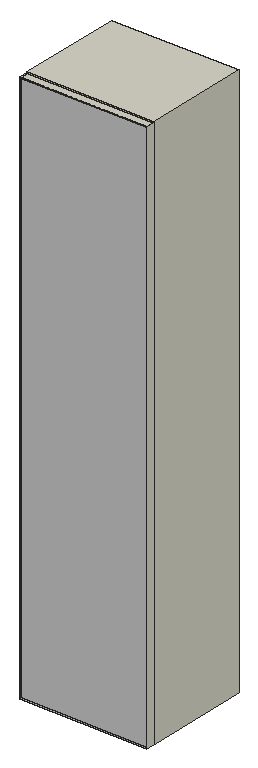
Revit family "bathroom vanity-hansgrohe-54219XXX-Xevolos E Tall cabinet Sand Matt Beige 400_360, door hinge left", category Furniture, Revit 2019
Family settings
  OmniClass Number = 23.40.00.00
  OmniClass Title = Equipment and Furnishings
  Work Plane-Based = No
  Always vertical = Yes
  Cut with Voids When Loaded = No
  Shared = Yes
  Room Calculation Point = No
Parameters (values of type "54219790-SAND_MATT_BEIGE-METALLIC_SAND_BEIGE-200")
  etim7_EC011381 = "EC011381"
  WEIGHT = "41.2"
  UNSPSC = "56 | Furniture and Furnishings"
  UNIFORMATII = "E2010 | Fixed Furnishings"
  UNICLASS_2015_CODE = "40_30_78_05"
  UNICLASS2015 = "Pr_40_30_78_05 | Bathroom furniture"
  SURFACE = "METALLIC_SAND_BEIGE"
  REGION = "Worldwide"
  PRODUCTURL = "https://pro.hansgrohe.com/articledetail--54219790"
  PERMALINK = "54219XXX"
  OMNICLASS = "23-21 19 15 33 13 | Residential Bathroom Specialty Casework"
  OBJECTTYPE = "Object (single object)"
  OBERFLAECHE = "SAND_MATT_BEIGE"
  NN = "Tall cabinet, door hinge"
  NBSYN = "$ARTNR.-$OBERFLAECHE.-$SURFACE.-$LODLEVEL."
  NB = "54219790-SAND_MATT_BEIGE-METALLIC_SAND_BEIGE-200"
  NAME = "Xevolos E Tall cabinet Sand Matt Beige 400/360, door hinge left"
  Model = "54219790-SAND_MATT_BEIGE-METALLIC_SAND_BEIGE-200"
  Manufacturer = "Hansgrohe"
  MIdent = "{$CADENAS_DATA/23d-libs/hansgrohe/xevolos_furniture/xevolos_tall_cabinet_door_hinge/tall_cabinet_door_hinge.prj},262 {VTYP=3D},{NB=54219790-SAND_MATT_BEIGE-METALLIC_SAND_BEIGE-200},{LINA=54219790-SAND_MATT_BEIGE-METALLIC_SAND_BEIGE-200},{NN=Tall cabinet, door hinge},{DATE=13.03.2023 12:06:51},{GEOMDATE=12.03.2023 06:51:00},{VERSION=},{LINEID=60},{WBVAR=LODLEVEL},{WBNUMERIC=}  {NB=54219790-SAND_MATT_BEIGE-METALLIC_SAND_BEIGE-200},{LINA=54219790-SAND_MATT_BEIGE-METALLIC_SAND_BEIGE-200},{KT=DUMMY},{IDNR=6},{ARTNR=54219790},{BASENUMBER=54219},{MODEL=54219XXX},{OBERFLAECHE=SAND_MATT_BEIGE},{SURFACE=METALLIC_SAND_BEIGE},{L=400},{LODLEVEL=200},{LODLEVELX='400','400','200','200'},{NAME=Xevolos E Tall cabinet Sand Matt Beige 400/360, door hinge left},{PERMALINK=54219XXX},{OBJECTTYPE=Object (single object)},{BIMOBJECT=Sanitary: Compound units},{COLLECTIONSET=Xevolos E},{COLLECTION=bathroom vanity},{WEIGHT=41.2},{DESCRIPTION=Xevolos E Tall cabinet Sand Matt Beige 400/360, door hinge left},{PRODUCTURL=https://pro.hansgrohe.com/articledetail--54219790},{GTINCODE=0},{TENDERURL=0},{IFC=Furnishing element},{ETIM=EC011381 | Bathroom furniture set},{UNICLASS2015=Pr_40_30_78_05 | Bathroom furniture},{OMNICLASS=23-21 19 15 33 13 | Residential Bathroom Specialty Casework},{MASTERFORMAT=12 35 30.23 | Bathroom Casework},{UNSPSC=56 | Furniture and Furnishings},{UNIFORMATII=E2010 | Fixed Furnishings},{REGION=Worldwide},{DESIGN=Germany},{MANUFACTURER=Germany}"
  MASTERFORMAT = "12 35 30.23 | Bathroom Casework"
  LODLEVEL = "200"
  LINA = "54219790-SAND_MATT_BEIGE-METALLIC_SAND_BEIGE-200"
  L = 400
  IFC = "Furnishing element"
  IDNR = 6
  ETIM = "EC011381 | Bathroom furniture set"
  DESIGN = "Germany"
  COLLECTIONSET = "Xevolos E"
  COLLECTION = "bathroom vanity"
  CATALOG = "Hansgrohe"
  BIMOBJECT = "Sanitary: Compound units"
  BASENUMBER = "54219"
  ARTNR = "54219790"
  54219790-SAND_MATT_BEIGE-METALLIC_SAND_BEIGE-400_RX0RY0RZ0TX0TY0TZ0_V = no
  54219790-SAND_MATT_BEIGE-METALLIC_SAND_BEIGE-200_RX0RY0RZ0TX0TY0TZ0_V = yes
  54219730-SAND_MATT_BEIGE-DARK_OAK-400_RX0RY0RZ0TX0TY0TZ0_V = no
  54219730-SAND_MATT_BEIGE-DARK_OAK-200_RX0RY0RZ0TX0TY0TZ0_V = no
  54219390-SAND_MATT_BEIGE-PATTEREND_BRONZE-400_RX0RY0RZ0TX0TY0TZ0_V = no
  54219390-SAND_MATT_BEIGE-PATTEREND_BRONZE-200_RX0RY0RZ0TX0TY0TZ0_V = no
Types (6, lengths in mm): name | SURFACE | NB | Model | MIdent | LODLEVEL | LINA | IDNR | ARTNR | 54219790-SAND_MATT_BEIGE-METALLIC_SAND_BEIGE-400_RX0RY0RZ0TX0TY0TZ0_V | 54219790-SAND_MATT_BEIGE-METALLIC_SAND_BEIGE-200_RX0RY0RZ0TX0TY0TZ0_V | 54219730-SAND_MATT_BEIGE-DARK_OAK-400_RX0RY0RZ0TX0TY0TZ0_V | 54219730-SAND_MATT_BEIGE-DARK_OAK-200_RX0RY0RZ0TX0TY0TZ0_V | 54219390-SAND_MATT_BEIGE-PATTEREND_BRONZE-400_RX0RY0RZ0TX0TY0TZ0_V | 54219390-SAND_MATT_BEIGE-PATTEREND_BRONZE-200_RX0RY0RZ0TX0TY0TZ0_V
  54219390-SAND_MATT_BEIGE-PATTEREND_BRONZE-200 | "PATTEREND_BRONZE" | "54219390-SAND_MATT_BEIGE-PATTEREND_BRONZE-200" | "54219390-SAND_MATT_BEIGE-PATTEREND_BRONZE-200" | "{$CADENAS_DATA/23d-libs/hansgrohe/xevolos_furniture/xevolos_tall_cabinet_door_hinge/tall_cabinet_door_hinge.prj},256 {VTYP=3D},{NB=54219390-SAND_MATT_BEIGE-PATTEREND_BRONZE-200},{LINA=54219390-SAND_MATT_BEIGE-PATTEREND_BRONZE-200},{NN=Tall cabinet, door hinge},{DATE=13.03.2023 12:06:51},{GEOMDATE=12.03.2023 06:51:00},{VERSION=},{LINEID=40},{WBVAR=LODLEVEL},{WBNUMERIC=}  {NB=54219390-SAND_MATT_BEIGE-PATTEREND_BRONZE-200},{LINA=54219390-SAND_MATT_BEIGE-PATTEREND_BRONZE-200},{KT=DUMMY},{IDNR=4},{ARTNR=54219390},{BASENUMBER=54219},{MODEL=54219XXX},{OBERFLAECHE=SAND_MATT_BEIGE},{SURFACE=PATTEREND_BRONZE},{L=400},{LODLEVEL=200},{LODLEVELX='400','400','200','200'},{NAME=Xevolos E Tall cabinet Sand Matt Beige 400/360, door hinge left},{PERMALINK=54219XXX},{OBJECTTYPE=Object (single object)},{BIMOBJECT=Sanitary: Compound units},{COLLECTIONSET=Xevolos E},{COLLECTION=bathroom vanity},{WEIGHT=41.2},{DESCRIPTION=Xevolos E Tall cabinet Sand Matt Beige 400/360, door hinge left},{PRODUCTURL=https://pro.hansgrohe.com/articledetail--54219790},{GTINCODE=0},{TENDERURL=0},{IFC=Furnishing element},{ETIM=EC011381 | Bathroom furniture set},{UNICLASS2015=Pr_40_30_78_05 | Bathroom furniture},{OMNICLASS=23-21 19 15 33 13 | Residential Bathroom Specialty Casework},{MASTERFORMAT=12 35 30.23 | Bathroom Casework},{UNSPSC=56 | Furniture and Furnishings},{UNIFORMATII=E2010 | Fixed Furnishings},{REGION=Worldwide},{DESIGN=Germany},{MANUFACTURER=Germany}" | "200" | "54219390-SAND_MATT_BEIGE-PATTEREND_BRONZE-200" | 4 | "54219390" | no | no | no | no | no | yes
  54219390-SAND_MATT_BEIGE-PATTEREND_BRONZE-400 | "PATTEREND_BRONZE" | "54219390-SAND_MATT_BEIGE-PATTEREND_BRONZE-400" | "54219390-SAND_MATT_BEIGE-PATTEREND_BRONZE-400" | "{$CADENAS_DATA/23d-libs/hansgrohe/xevolos_furniture/xevolos_tall_cabinet_door_hinge/tall_cabinet_door_hinge.prj},256 {VTYP=3D},{NB=54219390-SAND_MATT_BEIGE-PATTEREND_BRONZE-400},{LINA=54219390-SAND_MATT_BEIGE-PATTEREND_BRONZE-400},{NN=Tall cabinet, door hinge},{DATE=13.03.2023 12:06:51},{GEOMDATE=12.03.2023 06:51:00},{VERSION=},{LINEID=40},{WBVAR=LODLEVEL},{WBNUMERIC=}  {NB=54219390-SAND_MATT_BEIGE-PATTEREND_BRONZE-400},{LINA=54219390-SAND_MATT_BEIGE-PATTEREND_BRONZE-400},{KT=DUMMY},{IDNR=4},{ARTNR=54219390},{BASENUMBER=54219},{MODEL=54219XXX},{OBERFLAECHE=SAND_MATT_BEIGE},{SURFACE=PATTEREND_BRONZE},{L=400},{LODLEVEL=400},{LODLEVELX='400','400','200','200'},{NAME=Xevolos E Tall cabinet Sand Matt Beige 400/360, door hinge left},{PERMALINK=54219XXX},{OBJECTTYPE=Object (single object)},{BIMOBJECT=Sanitary: Compound units},{COLLECTIONSET=Xevolos E},{COLLECTION=bathroom vanity},{WEIGHT=41.2},{DESCRIPTION=Xevolos E Tall cabinet Sand Matt Beige 400/360, door hinge left},{PRODUCTURL=https://pro.hansgrohe.com/articledetail--54219790},{GTINCODE=0},{TENDERURL=0},{IFC=Furnishing element},{ETIM=EC011381 | Bathroom furniture set},{UNICLASS2015=Pr_40_30_78_05 | Bathroom furniture},{OMNICLASS=23-21 19 15 33 13 | Residential Bathroom Specialty Casework},{MASTERFORMAT=12 35 30.23 | Bathroom Casework},{UNSPSC=56 | Furniture and Furnishings},{UNIFORMATII=E2010 | Fixed Furnishings},{REGION=Worldwide},{DESIGN=Germany},{MANUFACTURER=Germany}" | "400" | "54219390-SAND_MATT_BEIGE-PATTEREND_BRONZE-400" | 4 | "54219390" | no | no | no | no | yes | no
  54219730-SAND_MATT_BEIGE-DARK_OAK-200 | "DARK_OAK" | "54219730-SAND_MATT_BEIGE-DARK_OAK-200" | "54219730-SAND_MATT_BEIGE-DARK_OAK-200" | "{$CADENAS_DATA/23d-libs/hansgrohe/xevolos_furniture/xevolos_tall_cabinet_door_hinge/tall_cabinet_door_hinge.prj},240 {VTYP=3D},{NB=54219730-SAND_MATT_BEIGE-DARK_OAK-200},{LINA=54219730-SAND_MATT_BEIGE-DARK_OAK-200},{NN=Tall cabinet, door hinge},{DATE=13.03.2023 12:06:51},{GEOMDATE=12.03.2023 06:51:00},{VERSION=},{LINEID=50},{WBVAR=LODLEVEL},{WBNUMERIC=}  {NB=54219730-SAND_MATT_BEIGE-DARK_OAK-200},{LINA=54219730-SAND_MATT_BEIGE-DARK_OAK-200},{KT=DUMMY},{IDNR=5},{ARTNR=54219730},{BASENUMBER=54219},{MODEL=54219XXX},{OBERFLAECHE=SAND_MATT_BEIGE},{SURFACE=DARK_OAK},{L=400},{LODLEVEL=200},{LODLEVELX='400','400','200','200'},{NAME=Xevolos E Tall cabinet Sand Matt Beige 400/360, door hinge left},{PERMALINK=54219XXX},{OBJECTTYPE=Object (single object)},{BIMOBJECT=Sanitary: Compound units},{COLLECTIONSET=Xevolos E},{COLLECTION=bathroom vanity},{WEIGHT=41.2},{DESCRIPTION=Xevolos E Tall cabinet Sand Matt Beige 400/360, door hinge left},{PRODUCTURL=https://pro.hansgrohe.com/articledetail--54219790},{GTINCODE=0},{TENDERURL=0},{IFC=Furnishing element},{ETIM=EC011381 | Bathroom furniture set},{UNICLASS2015=Pr_40_30_78_05 | Bathroom furniture},{OMNICLASS=23-21 19 15 33 13 | Residential Bathroom Specialty Casework},{MASTERFORMAT=12 35 30.23 | Bathroom Casework},{UNSPSC=56 | Furniture and Furnishings},{UNIFORMATII=E2010 | Fixed Furnishings},{REGION=Worldwide},{DESIGN=Germany},{MANUFACTURER=Germany}" | "200" | "54219730-SAND_MATT_BEIGE-DARK_OAK-200" | 5 | "54219730" | no | no | no | yes | no | no
  54219730-SAND_MATT_BEIGE-DARK_OAK-400 | "DARK_OAK" | "54219730-SAND_MATT_BEIGE-DARK_OAK-400" | "54219730-SAND_MATT_BEIGE-DARK_OAK-400" | "{$CADENAS_DATA/23d-libs/hansgrohe/xevolos_furniture/xevolos_tall_cabinet_door_hinge/tall_cabinet_door_hinge.prj},240 {VTYP=3D},{NB=54219730-SAND_MATT_BEIGE-DARK_OAK-400},{LINA=54219730-SAND_MATT_BEIGE-DARK_OAK-400},{NN=Tall cabinet, door hinge},{DATE=13.03.2023 12:06:51},{GEOMDATE=12.03.2023 06:51:00},{VERSION=},{LINEID=50},{WBVAR=LODLEVEL},{WBNUMERIC=}  {NB=54219730-SAND_MATT_BEIGE-DARK_OAK-400},{LINA=54219730-SAND_MATT_BEIGE-DARK_OAK-400},{KT=DUMMY},{IDNR=5},{ARTNR=54219730},{BASENUMBER=54219},{MODEL=54219XXX},{OBERFLAECHE=SAND_MATT_BEIGE},{SURFACE=DARK_OAK},{L=400},{LODLEVEL=400},{LODLEVELX='400','400','200','200'},{NAME=Xevolos E Tall cabinet Sand Matt Beige 400/360, door hinge left},{PERMALINK=54219XXX},{OBJECTTYPE=Object (single object)},{BIMOBJECT=Sanitary: Compound units},{COLLECTIONSET=Xevolos E},{COLLECTION=bathroom vanity},{WEIGHT=41.2},{DESCRIPTION=Xevolos E Tall cabinet Sand Matt Beige 400/360, door hinge left},{PRODUCTURL=https://pro.hansgrohe.com/articledetail--54219790},{GTINCODE=0},{TENDERURL=0},{IFC=Furnishing element},{ETIM=EC011381 | Bathroom furniture set},{UNICLASS2015=Pr_40_30_78_05 | Bathroom furniture},{OMNICLASS=23-21 19 15 33 13 | Residential Bathroom Specialty Casework},{MASTERFORMAT=12 35 30.23 | Bathroom Casework},{UNSPSC=56 | Furniture and Furnishings},{UNIFORMATII=E2010 | Fixed Furnishings},{REGION=Worldwide},{DESIGN=Germany},{MANUFACTURER=Germany}" | "400" | "54219730-SAND_MATT_BEIGE-DARK_OAK-400" | 5 | "54219730" | no | no | yes | no | no | no
  54219790-SAND_MATT_BEIGE-METALLIC_SAND_BEIGE-200 | "METALLIC_SAND_BEIGE" | "54219790-SAND_MATT_BEIGE-METALLIC_SAND_BEIGE-200" | "54219790-SAND_MATT_BEIGE-METALLIC_SAND_BEIGE-200" | "{$CADENAS_DATA/23d-libs/hansgrohe/xevolos_furniture/xevolos_tall_cabinet_door_hinge/tall_cabinet_door_hinge.prj},262 {VTYP=3D},{NB=54219790-SAND_MATT_BEIGE-METALLIC_SAND_BEIGE-200},{LINA=54219790-SAND_MATT_BEIGE-METALLIC_SAND_BEIGE-200},{NN=Tall cabinet, door hinge},{DATE=13.03.2023 12:06:51},{GEOMDATE=12.03.2023 06:51:00},{VERSION=},{LINEID=60},{WBVAR=LODLEVEL},{WBNUMERIC=}  {NB=54219790-SAND_MATT_BEIGE-METALLIC_SAND_BEIGE-200},{LINA=54219790-SAND_MATT_BEIGE-METALLIC_SAND_BEIGE-200},{KT=DUMMY},{IDNR=6},{ARTNR=54219790},{BASENUMBER=54219},{MODEL=54219XXX},{OBERFLAECHE=SAND_MATT_BEIGE},{SURFACE=METALLIC_SAND_BEIGE},{L=400},{LODLEVEL=200},{LODLEVELX='400','400','200','200'},{NAME=Xevolos E Tall cabinet Sand Matt Beige 400/360, door hinge left},{PERMALINK=54219XXX},{OBJECTTYPE=Object (single object)},{BIMOBJECT=Sanitary: Compound units},{COLLECTIONSET=Xevolos E},{COLLECTION=bathroom vanity},{WEIGHT=41.2},{DESCRIPTION=Xevolos E Tall cabinet Sand Matt Beige 400/360, door hinge left},{PRODUCTURL=https://pro.hansgrohe.com/articledetail--54219790},{GTINCODE=0},{TENDERURL=0},{IFC=Furnishing element},{ETIM=EC011381 | Bathroom furniture set},{UNICLASS2015=Pr_40_30_78_05 | Bathroom furniture},{OMNICLASS=23-21 19 15 33 13 | Residential Bathroom Specialty Casework},{MASTERFORMAT=12 35 30.23 | Bathroom Casework},{UNSPSC=56 | Furniture and Furnishings},{UNIFORMATII=E2010 | Fixed Furnishings},{REGION=Worldwide},{DESIGN=Germany},{MANUFACTURER=Germany}" | "200" | "54219790-SAND_MATT_BEIGE-METALLIC_SAND_BEIGE-200" | 6 | "54219790" | no | yes | no | no | no | no
  54219790-SAND_MATT_BEIGE-METALLIC_SAND_BEIGE-400 | "METALLIC_SAND_BEIGE" | "54219790-SAND_MATT_BEIGE-METALLIC_SAND_BEIGE-400" | "54219790-SAND_MATT_BEIGE-METALLIC_SAND_BEIGE-400" | "{$CADENAS_DATA/23d-libs/hansgrohe/xevolos_furniture/xevolos_tall_cabinet_door_hinge/tall_cabinet_door_hinge.prj},262 {VTYP=3D},{NB=54219790-SAND_MATT_BEIGE-METALLIC_SAND_BEIGE-400},{LINA=54219790-SAND_MATT_BEIGE-METALLIC_SAND_BEIGE-400},{NN=Tall cabinet, door hinge},{DATE=13.03.2023 12:06:51},{GEOMDATE=12.03.2023 06:51:00},{VERSION=},{LINEID=60},{WBVAR=LODLEVEL},{WBNUMERIC=}  {NB=54219790-SAND_MATT_BEIGE-METALLIC_SAND_BEIGE-400},{LINA=54219790-SAND_MATT_BEIGE-METALLIC_SAND_BEIGE-400},{KT=DUMMY},{IDNR=6},{ARTNR=54219790},{BASENUMBER=54219},{MODEL=54219XXX},{OBERFLAECHE=SAND_MATT_BEIGE},{SURFACE=METALLIC_SAND_BEIGE},{L=400},{LODLEVEL=400},{LODLEVELX='400','400','200','200'},{NAME=Xevolos E Tall cabinet Sand Matt Beige 400/360, door hinge left},{PERMALINK=54219XXX},{OBJECTTYPE=Object (single object)},{BIMOBJECT=Sanitary: Compound units},{COLLECTIONSET=Xevolos E},{COLLECTION=bathroom vanity},{WEIGHT=41.2},{DESCRIPTION=Xevolos E Tall cabinet Sand Matt Beige 400/360, door hinge left},{PRODUCTURL=https://pro.hansgrohe.com/articledetail--54219790},{GTINCODE=0},{TENDERURL=0},{IFC=Furnishing element},{ETIM=EC011381 | Bathroom furniture set},{UNICLASS2015=Pr_40_30_78_05 | Bathroom furniture},{OMNICLASS=23-21 19 15 33 13 | Residential Bathroom Specialty Casework},{MASTERFORMAT=12 35 30.23 | Bathroom Casework},{UNSPSC=56 | Furniture and Furnishings},{UNIFORMATII=E2010 | Fixed Furnishings},{REGION=Worldwide},{DESIGN=Germany},{MANUFACTURER=Germany}" | "400" | "54219790-SAND_MATT_BEIGE-METALLIC_SAND_BEIGE-400" | 6 | "54219790" | yes | no | no | no | no | no
Reference planes
  plane 1 "Center (Front/Back)": y = 0
  plane 2: z = 0
  plane 3 "Center (Left/Right)": x = 0
Dimensions and locks
  aligned and locked: level to plane 2
Nested families
  nested 1: "54219390-sand_matt_beige-patterend_bronze-200_content" at (0, 0, 0), visible <- "54219390-SAND_MATT_BEIGE-PATTEREND_BRONZE-200_RX0RY0RZ0TX0TY0TZ0_V", ContentVisible <- "54219390-SAND_MATT_BEIGE-PATTEREND_BRONZE-200_RX0RY0RZ0TX0TY0TZ0_V", type "54219390-SAND_MATT_BEIGE-PATTEREND_BRONZE-200_Content"
    with ContentVisible no
  nested 2: "54219390-sand_matt_beige-patterend_bronze-400_content" at (0, 0, 0), visible <- "54219390-SAND_MATT_BEIGE-PATTEREND_BRONZE-400_RX0RY0RZ0TX0TY0TZ0_V", ContentVisible <- "54219390-SAND_MATT_BEIGE-PATTEREND_BRONZE-400_RX0RY0RZ0TX0TY0TZ0_V", type "54219390-SAND_MATT_BEIGE-PATTEREND_BRONZE-400_Content"
    with ContentVisible no
  nested 3: "54219730-sand_matt_beige-dark_oak-200_content" at (0, 0, 0), visible <- "54219730-SAND_MATT_BEIGE-DARK_OAK-200_RX0RY0RZ0TX0TY0TZ0_V", ContentVisible <- "54219730-SAND_MATT_BEIGE-DARK_OAK-200_RX0RY0RZ0TX0TY0TZ0_V", type "54219730-SAND_MATT_BEIGE-DARK_OAK-200_Content"
    with ContentVisible no
  nested 4: "54219730-sand_matt_beige-dark_oak-400_content" at (0, 0, 0), visible <- "54219730-SAND_MATT_BEIGE-DARK_OAK-400_RX0RY0RZ0TX0TY0TZ0_V", ContentVisible <- "54219730-SAND_MATT_BEIGE-DARK_OAK-400_RX0RY0RZ0TX0TY0TZ0_V", type "54219730-SAND_MATT_BEIGE-DARK_OAK-400_Content"
    with ContentVisible no
  nested 5: "54219790-sand_matt_beige-metallic_sand_beige-200_content" at (0, 0, 0), visible <- "54219790-SAND_MATT_BEIGE-METALLIC_SAND_BEIGE-200_RX0RY0RZ0TX0TY0TZ0_V", ContentVisible <- "54219790-SAND_MATT_BEIGE-METALLIC_SAND_BEIGE-200_RX0RY0RZ0TX0TY0TZ0_V", type "54219790-SAND_MATT_BEIGE-METALLIC_SAND_BEIGE-200_Content"
    with ContentVisible yes
  nested 6: "54219790-sand_matt_beige-metallic_sand_beige-400_content" at (0, 0, 0), visible <- "54219790-SAND_MATT_BEIGE-METALLIC_SAND_BEIGE-400_RX0RY0RZ0TX0TY0TZ0_V", ContentVisible <- "54219790-SAND_MATT_BEIGE-METALLIC_SAND_BEIGE-400_RX0RY0RZ0TX0TY0TZ0_V", type "54219790-SAND_MATT_BEIGE-METALLIC_SAND_BEIGE-400_Content"
    with ContentVisible no
Definition of nested family "54219790-sand_matt_beige-metallic_sand_beige-200_content"
  Parameters (values of type "54219790-SAND_MATT_BEIGE-METALLIC_SAND_BEIGE-200_Content")
    etim7_EC011381 = "EC011381"
    WEIGHT = "41.2"
    UNSPSC = "56 | Furniture and Furnishings"
    UNIFORMATII = "E2010 | Fixed Furnishings"
    UNICLASS_2015_CODE = "40_30_78_05"
    UNICLASS2015 = "Pr_40_30_78_05 | Bathroom furniture"
    SURFACE = "METALLIC_SAND_BEIGE"
    REGION = "Worldwide"
    PRODUCTURL = "https://pro.hansgrohe.com/articledetail--54219790"
    PERMALINK = "54219XXX"
    OMNICLASS = "23-21 19 15 33 13 | Residential Bathroom Specialty Casework"
    OBJECTTYPE = "Object (single object)"
    OBERFLAECHE = "SAND_MATT_BEIGE"
    NN = "Tall cabinet, door hinge"
    NBSYN = "$ARTNR.-$OBERFLAECHE.-$SURFACE.-$LODLEVEL."
    NB = "54219790-SAND_MATT_BEIGE-METALLIC_SAND_BEIGE-200"
    NAME = "Xevolos E Tall cabinet Sand Matt Beige 400/360, door hinge left"
    Model = "54219790-SAND_MATT_BEIGE-METALLIC_SAND_BEIGE-200"
    Manufacturer = "Hansgrohe"
    MASTERFORMAT = "12 35 30.23 | Bathroom Casework"
    LODLEVEL = "200"
    LINA = "54219790-SAND_MATT_BEIGE-METALLIC_SAND_BEIGE-200"
    L = 400
    IFC = "Furnishing element"
    IDNR = 6
    ETIM = "EC011381 | Bathroom furniture set"
    Default Elevation = 1219.2 mm
    DESIGN = "Germany"
    ContentVisible [instance] = yes
    COLLECTIONSET = "Xevolos E"
    COLLECTION = "bathroom vanity"
    CATALOG = "Hansgrohe"
    BIMOBJECT = "Sanitary: Compound units"
    BASENUMBER = "54219"
    ARTNR = "54219790"
  Reference planes
    plane 1 "Center (Front/Back)": y = 0
    plane 2: z = 0
    plane 3 "Center (Left/Right)": x = 0
  Forms (mm)
    Extrusion 1, solid, visible <- "ContentVisible", detail levels medium+fine
      sketch origin (0, 0, 0) x (1, 0, 0) y (0, 1, 0)
        loop
          line (-200, 0) -> (-200, -334.5) -> (200, -334.5) -> (200, 0) -> (-200, 0)
      from 0 to 1760
    Extrusion 2, solid, visible <- "ContentVisible", detail levels medium+fine
      sketch origin (0, -334.5, 0) x (1, 0, 0) y (0, 0, -1)
        loop
          line (-200, -2) -> (-200, -1758) -> (200, -1758) -> (200, -2) -> (-200, -2)
        loop
          line (-198, -4) -> (-198, -1756) -> (198, -1756) -> (198, -4) -> (-198, -4)
      from -24.75 to 0
    Extrusion 3, solid, visible <- "ContentVisible", detail levels medium+fine
      sketch origin (0, -334.5, 0) x (1, 0, 0) y (0, 0, -1)
        loop
          line (-198, -4) -> (-198, -1756) -> (198, -1756) -> (198, -4) -> (-198, -4)
      from -24.75 to 0
    Extrusion 4, solid, visible <- "ContentVisible", detail levels coarse
      sketch origin (0, -179.625, 0) x (1, 0, 0) y (0, 1, 0)
        loop
          line (-200, -179.625) -> (200, -179.625) -> (200, 179.625) -> (-200, 179.625) -> (-200, -179.625)
      from 0 to 1760
  Dimensions and locks
    aligned and locked: level to plane 2
Definition of nested family "54219390-sand_matt_beige-patterend_bronze-200_content"
  Parameters (values of type "54219390-SAND_MATT_BEIGE-PATTEREND_BRONZE-200_Content")
    etim7_EC011381 = "EC011381"
    WEIGHT = "41.2"
    UNSPSC = "56 | Furniture and Furnishings"
    UNIFORMATII = "E2010 | Fixed Furnishings"
    UNICLASS_2015_CODE = "40_30_78_05"
    UNICLASS2015 = "Pr_40_30_78_05 | Bathroom furniture"
    SURFACE = "PATTEREND_BRONZE"
    REGION = "Worldwide"
    PRODUCTURL = "https://pro.hansgrohe.com/articledetail--54219790"
    PERMALINK = "54219XXX"
    OMNICLASS = "23-21 19 15 33 13 | Residential Bathroom Specialty Casework"
    OBJECTTYPE = "Object (single object)"
    OBERFLAECHE = "SAND_MATT_BEIGE"
    NN = "Tall cabinet, door hinge"
    NBSYN = "$ARTNR.-$OBERFLAECHE.-$SURFACE.-$LODLEVEL."
    NB = "54219390-SAND_MATT_BEIGE-PATTEREND_BRONZE-200"
    NAME = "Xevolos E Tall cabinet Sand Matt Beige 400/360, door hinge left"
    Model = "54219390-SAND_MATT_BEIGE-PATTEREND_BRONZE-200"
    Manufacturer = "Hansgrohe"
    MASTERFORMAT = "12 35 30.23 | Bathroom Casework"
    LODLEVEL = "200"
    LINA = "54219390-SAND_MATT_BEIGE-PATTEREND_BRONZE-200"
    L = 400
    IFC = "Furnishing element"
    IDNR = 4
    ETIM = "EC011381 | Bathroom furniture set"
    Default Elevation = 1219.2 mm
    DESIGN = "Germany"
    ContentVisible [instance] = yes
    COLLECTIONSET = "Xevolos E"
    COLLECTION = "bathroom vanity"
    CATALOG = "Hansgrohe"
    BIMOBJECT = "Sanitary: Compound units"
    BASENUMBER = "54219"
    ARTNR = "54219390"
  Reference planes
    plane 1 "Center (Front/Back)": y = 0
    plane 2: z = 0
    plane 3 "Center (Left/Right)": x = 0
  Forms (mm)
    Extrusion 1, solid, visible <- "ContentVisible", detail levels medium+fine
      sketch origin (0, 0, 0) x (1, 0, 0) y (0, 1, 0)
        loop
          line (-200, 0) -> (-200, -334.5) -> (200, -334.5) -> (200, 0) -> (-200, 0)
      from 0 to 1760
    Extrusion 2, solid, visible <- "ContentVisible", detail levels medium+fine
      sketch origin (0, -334.5, 0) x (1, 0, 0) y (0, 0, -1)
        loop
          line (-200, -2) -> (-200, -1758) -> (200, -1758) -> (200, -2) -> (-200, -2)
        loop
          line (-198, -4) -> (-198, -1756) -> (198, -1756) -> (198, -4) -> (-198, -4)
      from -24.75 to 0
    Extrusion 3, solid, visible <- "ContentVisible", detail levels medium+fine
      sketch origin (0, -334.5, 0) x (1, 0, 0) y (0, 0, -1)
        loop
          line (-198, -4) -> (-198, -1756) -> (198, -1756) -> (198, -4) -> (-198, -4)
      from -24.75 to 0
    Extrusion 4, solid, visible <- "ContentVisible", detail levels coarse
      sketch origin (0, -179.625, 0) x (1, 0, 0) y (0, 1, 0)
        loop
          line (-200, -179.625) -> (200, -179.625) -> (200, 179.625) -> (-200, 179.625) -> (-200, -179.625)
      from 0 to 1760
  Dimensions and locks
    aligned and locked: level to plane 2
Definition of nested family "54219390-sand_matt_beige-patterend_bronze-400_content"
  Parameters (values of type "54219390-SAND_MATT_BEIGE-PATTEREND_BRONZE-400_Content")
    etim7_EC011381 = "EC011381"
    WEIGHT = "41.2"
    UNSPSC = "56 | Furniture and Furnishings"
    UNIFORMATII = "E2010 | Fixed Furnishings"
    UNICLASS_2015_CODE = "40_30_78_05"
    UNICLASS2015 = "Pr_40_30_78_05 | Bathroom furniture"
    SURFACE = "PATTEREND_BRONZE"
    REGION = "Worldwide"
    PRODUCTURL = "https://pro.hansgrohe.com/articledetail--54219790"
    PERMALINK = "54219XXX"
    OMNICLASS = "23-21 19 15 33 13 | Residential Bathroom Specialty Casework"
    OBJECTTYPE = "Object (single object)"
    OBERFLAECHE = "SAND_MATT_BEIGE"
    NN = "Tall cabinet, door hinge"
    NBSYN = "$ARTNR.-$OBERFLAECHE.-$SURFACE.-$LODLEVEL."
    NB = "54219390-SAND_MATT_BEIGE-PATTEREND_BRONZE-400"
    NAME = "Xevolos E Tall cabinet Sand Matt Beige 400/360, door hinge left"
    Model = "54219390-SAND_MATT_BEIGE-PATTEREND_BRONZE-400"
    Manufacturer = "Hansgrohe"
    MASTERFORMAT = "12 35 30.23 | Bathroom Casework"
    LODLEVEL = "400"
    LINA = "54219390-SAND_MATT_BEIGE-PATTEREND_BRONZE-400"
    L = 400
    IFC = "Furnishing element"
    IDNR = 4
    ETIM = "EC011381 | Bathroom furniture set"
    Default Elevation = 1219.2 mm
    DESIGN = "Germany"
    ContentVisible [instance] = yes
    COLLECTIONSET = "Xevolos E"
    COLLECTION = "bathroom vanity"
    CATALOG = "Hansgrohe"
    BIMOBJECT = "Sanitary: Compound units"
    BASENUMBER = "54219"
    ARTNR = "54219390"
  Reference planes
    plane 1 "Center (Front/Back)": y = 0
    plane 2: z = 0
    plane 3 "Center (Left/Right)": x = 0
  Forms (mm)
    Extrusion 1, solid, visible <- "ContentVisible", detail levels medium+fine
      sketch origin (0, 0, 0) x (1, 0, 0) y (0, 1, 0)
        loop
          line (-200, 0) -> (-200, -334.5) -> (200, -334.5) -> (200, 0) -> (184, 0) -> (184, -16.8) -> (-184, -16.8) -> (-184, 0) -> (-200, 0)
      from 0 to 1760
    Extrusion 2, solid, visible <- "ContentVisible", detail levels medium+fine
      sketch origin (0, -334.5, 0) x (1, 0, 0) y (0, 0, -1)
        loop
          line (-200, -2) -> (-200, -439) -> (-198, -439) -> (-198, -4) -> (198, -4) -> (198, -439) -> (200, -439) -> (200, -2) -> (-200, -2)
      from -24.75 to 0
    Extrusion 3, solid, visible <- "ContentVisible", detail levels medium+fine
      sketch origin (0, -334.5, 0) x (1, 0, 0) y (0, 0, -1)
        loop
          line (-200, -439) -> (-200, -876) -> (200, -876) -> (200, -439) -> (198, -439) -> (198, -874) -> (-198, -874) -> (-198, -439) -> (-200, -439)
      from -24.75 to 0
    Extrusion 4, solid, visible <- "ContentVisible", detail levels medium+fine
      sketch origin (0, -334.5, 0) x (1, 0, 0) y (0, 0, -1)
        loop
          line (-198, -4) -> (-198, -874) -> (198, -874) -> (198, -4) -> (-198, -4)
      from -24.75 to 0
    Extrusion 5, solid, visible <- "ContentVisible", detail levels medium+fine
      sketch origin (0, -334.5, 0) x (1, 0, 0) y (0, 0, -1)
        loop
          line (-200, -884) -> (-200, -1321) -> (-198, -1321) -> (-198, -886) -> (198, -886) -> (198, -1321) -> (200, -1321) -> (200, -884) -> (-200, -884)
      from -24.75 to 0
    Extrusion 6, solid, visible <- "ContentVisible", detail levels medium+fine
      sketch origin (0, -334.5, 0) x (1, 0, 0) y (0, 0, -1)
        loop
          line (-200, -1321) -> (-200, -1758) -> (200, -1758) -> (200, -1321) -> (198, -1321) -> (198, -1756) -> (-198, -1756) -> (-198, -1321) -> (-200, -1321)
      from -24.75 to 0
    Extrusion 7, solid, visible <- "ContentVisible", detail levels medium+fine
      sketch origin (0, -334.5, 0) x (1, 0, 0) y (0, 0, -1)
        loop
          line (-198, -886) -> (-198, -1756) -> (198, -1756) -> (198, -886) -> (-198, -886)
      from -24.75 to 0
    Extrusion 8, solid, visible <- "ContentVisible", detail levels coarse
      sketch origin (0, -179.625, 0) x (1, 0, 0) y (0, 1, 0)
        loop
          line (-200, -179.625) -> (200, -179.625) -> (200, 179.625) -> (-200, 179.625) -> (-200, -179.625)
      from 0 to 1760
  Dimensions and locks
    aligned and locked: level to plane 2
Definition of nested family "54219730-sand_matt_beige-dark_oak-200_content"
  Parameters (values of type "54219730-SAND_MATT_BEIGE-DARK_OAK-200_Content")
    etim7_EC011381 = "EC011381"
    WEIGHT = "41.2"
    UNSPSC = "56 | Furniture and Furnishings"
    UNIFORMATII = "E2010 | Fixed Furnishings"
    UNICLASS_2015_CODE = "40_30_78_05"
    UNICLASS2015 = "Pr_40_30_78_05 | Bathroom furniture"
    SURFACE = "DARK_OAK"
    REGION = "Worldwide"
    PRODUCTURL = "https://pro.hansgrohe.com/articledetail--54219790"
    PERMALINK = "54219XXX"
    OMNICLASS = "23-21 19 15 33 13 | Residential Bathroom Specialty Casework"
    OBJECTTYPE = "Object (single object)"
    OBERFLAECHE = "SAND_MATT_BEIGE"
    NN = "Tall cabinet, door hinge"
    NBSYN = "$ARTNR.-$OBERFLAECHE.-$SURFACE.-$LODLEVEL."
    NB = "54219730-SAND_MATT_BEIGE-DARK_OAK-200"
    NAME = "Xevolos E Tall cabinet Sand Matt Beige 400/360, door hinge left"
    Model = "54219730-SAND_MATT_BEIGE-DARK_OAK-200"
    Manufacturer = "Hansgrohe"
    MASTERFORMAT = "12 35 30.23 | Bathroom Casework"
    LODLEVEL = "200"
    LINA = "54219730-SAND_MATT_BEIGE-DARK_OAK-200"
    L = 400
    IFC = "Furnishing element"
    IDNR = 5
    ETIM = "EC011381 | Bathroom furniture set"
    Default Elevation = 1219.2 mm
    DESIGN = "Germany"
    ContentVisible [instance] = yes
    COLLECTIONSET = "Xevolos E"
    COLLECTION = "bathroom vanity"
    CATALOG = "Hansgrohe"
    BIMOBJECT = "Sanitary: Compound units"
    BASENUMBER = "54219"
    ARTNR = "54219730"
  Reference planes
    plane 1 "Center (Front/Back)": y = 0
    plane 2: z = 0
    plane 3 "Center (Left/Right)": x = 0
  Forms (mm)
    Extrusion 1, solid, visible <- "ContentVisible", detail levels medium+fine
      sketch origin (0, 0, 0) x (1, 0, 0) y (0, 1, 0)
        loop
          line (-200, 0) -> (-200, -334.5) -> (200, -334.5) -> (200, 0) -> (-200, 0)
      from 0 to 1760
    Extrusion 2, solid, visible <- "ContentVisible", detail levels medium+fine
      sketch origin (0, -334.5, 0) x (1, 0, 0) y (0, 0, -1)
        loop
          line (-200, -2) -> (-200, -1758) -> (200, -1758) -> (200, -2) -> (-200, -2)
        loop
          line (-198, -4) -> (-198, -1756) -> (198, -1756) -> (198, -4) -> (-198, -4)
      from -24.75 to 0
    Extrusion 3, solid, visible <- "ContentVisible", detail levels medium+fine
      sketch origin (0, -334.5, 0) x (1, 0, 0) y (0, 0, -1)
        loop
          line (-198, -4) -> (-198, -1756) -> (198, -1756) -> (198, -4) -> (-198, -4)
      from -24.75 to 0
    Extrusion 4, solid, visible <- "ContentVisible", detail levels coarse
      sketch origin (0, -179.625, 0) x (1, 0, 0) y (0, 1, 0)
        loop
          line (-200, -179.625) -> (200, -179.625) -> (200, 179.625) -> (-200, 179.625) -> (-200, -179.625)
      from 0 to 1760
  Dimensions and locks
    aligned and locked: level to plane 2
Definition of nested family "54219730-sand_matt_beige-dark_oak-400_content"
  Parameters (values of type "54219730-SAND_MATT_BEIGE-DARK_OAK-400_Content")
    etim7_EC011381 = "EC011381"
    WEIGHT = "41.2"
    UNSPSC = "56 | Furniture and Furnishings"
    UNIFORMATII = "E2010 | Fixed Furnishings"
    UNICLASS_2015_CODE = "40_30_78_05"
    UNICLASS2015 = "Pr_40_30_78_05 | Bathroom furniture"
    SURFACE = "DARK_OAK"
    REGION = "Worldwide"
    PRODUCTURL = "https://pro.hansgrohe.com/articledetail--54219790"
    PERMALINK = "54219XXX"
    OMNICLASS = "23-21 19 15 33 13 | Residential Bathroom Specialty Casework"
    OBJECTTYPE = "Object (single object)"
    OBERFLAECHE = "SAND_MATT_BEIGE"
    NN = "Tall cabinet, door hinge"
    NBSYN = "$ARTNR.-$OBERFLAECHE.-$SURFACE.-$LODLEVEL."
    NB = "54219730-SAND_MATT_BEIGE-DARK_OAK-400"
    NAME = "Xevolos E Tall cabinet Sand Matt Beige 400/360, door hinge left"
    Model = "54219730-SAND_MATT_BEIGE-DARK_OAK-400"
    Manufacturer = "Hansgrohe"
    MASTERFORMAT = "12 35 30.23 | Bathroom Casework"
    LODLEVEL = "400"
    LINA = "54219730-SAND_MATT_BEIGE-DARK_OAK-400"
    L = 400
    IFC = "Furnishing element"
    IDNR = 5
    ETIM = "EC011381 | Bathroom furniture set"
    Default Elevation = 1219.2 mm
    DESIGN = "Germany"
    ContentVisible [instance] = yes
    COLLECTIONSET = "Xevolos E"
    COLLECTION = "bathroom vanity"
    CATALOG = "Hansgrohe"
    BIMOBJECT = "Sanitary: Compound units"
    BASENUMBER = "54219"
    ARTNR = "54219730"
  Reference planes
    plane 1 "Center (Front/Back)": y = 0
    plane 2: z = 0
    plane 3 "Center (Left/Right)": x = 0
  Forms (mm)
    Extrusion 1, solid, visible <- "ContentVisible", detail levels medium+fine
      sketch origin (0, 0, 0) x (1, 0, 0) y (0, 1, 0)
        loop
          line (-200, 0) -> (-200, -334.5) -> (200, -334.5) -> (200, 0) -> (184, 0) -> (184, -16.8) -> (-184, -16.8) -> (-184, 0) -> (-200, 0)
      from 0 to 1760
    Extrusion 2, solid, visible <- "ContentVisible", detail levels medium+fine
      sketch origin (0, -334.5, 0) x (1, 0, 0) y (0, 0, -1)
        loop
          line (-200, -2) -> (-200, -439) -> (-198, -439) -> (-198, -4) -> (198, -4) -> (198, -439) -> (200, -439) -> (200, -2) -> (-200, -2)
      from -24.75 to 0
    Extrusion 3, solid, visible <- "ContentVisible", detail levels medium+fine
      sketch origin (0, -334.5, 0) x (1, 0, 0) y (0, 0, -1)
        loop
          line (-200, -439) -> (-200, -876) -> (200, -876) -> (200, -439) -> (198, -439) -> (198, -874) -> (-198, -874) -> (-198, -439) -> (-200, -439)
      from -24.75 to 0
    Extrusion 4, solid, visible <- "ContentVisible", detail levels medium+fine
      sketch origin (0, -334.5, 0) x (1, 0, 0) y (0, 0, -1)
        loop
          line (-198, -4) -> (-198, -874) -> (198, -874) -> (198, -4) -> (-198, -4)
      from -24.75 to 0
    Extrusion 5, solid, visible <- "ContentVisible", detail levels medium+fine
      sketch origin (0, -334.5, 0) x (1, 0, 0) y (0, 0, -1)
        loop
          line (-200, -884) -> (-200, -1321) -> (-198, -1321) -> (-198, -886) -> (198, -886) -> (198, -1321) -> (200, -1321) -> (200, -884) -> (-200, -884)
      from -24.75 to 0
    Extrusion 6, solid, visible <- "ContentVisible", detail levels medium+fine
      sketch origin (0, -334.5, 0) x (1, 0, 0) y (0, 0, -1)
        loop
          line (-200, -1321) -> (-200, -1758) -> (200, -1758) -> (200, -1321) -> (198, -1321) -> (198, -1756) -> (-198, -1756) -> (-198, -1321) -> (-200, -1321)
      from -24.75 to 0
    Extrusion 7, solid, visible <- "ContentVisible", detail levels medium+fine
      sketch origin (0, -334.5, 0) x (1, 0, 0) y (0, 0, -1)
        loop
          line (-198, -886) -> (-198, -1756) -> (198, -1756) -> (198, -886) -> (-198, -886)
      from -24.75 to 0
    Extrusion 8, solid, visible <- "ContentVisible", detail levels coarse
      sketch origin (0, -179.625, 0) x (1, 0, 0) y (0, 1, 0)
        loop
          line (-200, -179.625) -> (200, -179.625) -> (200, 179.625) -> (-200, 179.625) -> (-200, -179.625)
      from 0 to 1760
  Dimensions and locks
    aligned and locked: level to plane 2
Definition of nested family "54219790-sand_matt_beige-metallic_sand_beige-400_content"
  Parameters (values of type "54219790-SAND_MATT_BEIGE-METALLIC_SAND_BEIGE-400_Content")
    etim7_EC011381 = "EC011381"
    WEIGHT = "41.2"
    UNSPSC = "56 | Furniture and Furnishings"
    UNIFORMATII = "E2010 | Fixed Furnishings"
    UNICLASS_2015_CODE = "40_30_78_05"
    UNICLASS2015 = "Pr_40_30_78_05 | Bathroom furniture"
    SURFACE = "METALLIC_SAND_BEIGE"
    REGION = "Worldwide"
    PRODUCTURL = "https://pro.hansgrohe.com/articledetail--54219790"
    PERMALINK = "54219XXX"
    OMNICLASS = "23-21 19 15 33 13 | Residential Bathroom Specialty Casework"
    OBJECTTYPE = "Object (single object)"
    OBERFLAECHE = "SAND_MATT_BEIGE"
    NN = "Tall cabinet, door hinge"
    NBSYN = "$ARTNR.-$OBERFLAECHE.-$SURFACE.-$LODLEVEL."
    NB = "54219790-SAND_MATT_BEIGE-METALLIC_SAND_BEIGE-400"
    NAME = "Xevolos E Tall cabinet Sand Matt Beige 400/360, door hinge left"
    Model = "54219790-SAND_MATT_BEIGE-METALLIC_SAND_BEIGE-400"
    Manufacturer = "Hansgrohe"
    MASTERFORMAT = "12 35 30.23 | Bathroom Casework"
    LODLEVEL = "400"
    LINA = "54219790-SAND_MATT_BEIGE-METALLIC_SAND_BEIGE-400"
    L = 400
    IFC = "Furnishing element"
    IDNR = 6
    ETIM = "EC011381 | Bathroom furniture set"
    Default Elevation = 1219.2 mm
    DESIGN = "Germany"
    ContentVisible [instance] = yes
    COLLECTIONSET = "Xevolos E"
    COLLECTION = "bathroom vanity"
    CATALOG = "Hansgrohe"
    BIMOBJECT = "Sanitary: Compound units"
    BASENUMBER = "54219"
    ARTNR = "54219790"
  Reference planes
    plane 1 "Center (Front/Back)": y = 0
    plane 2: z = 0
    plane 3 "Center (Left/Right)": x = 0
  Forms (mm)
    Extrusion 1, solid, visible <- "ContentVisible", detail levels medium+fine
      sketch origin (0, 0, 0) x (1, 0, 0) y (0, 1, 0)
        loop
          line (-200, 0) -> (-200, -334.5) -> (200, -334.5) -> (200, 0) -> (184, 0) -> (184, -16.8) -> (-184, -16.8) -> (-184, 0) -> (-200, 0)
      from 0 to 1760
    Extrusion 2, solid, visible <- "ContentVisible", detail levels medium+fine
      sketch origin (0, -334.5, 0) x (1, 0, 0) y (0, 0, -1)
        loop
          line (-200, -2) -> (-200, -439) -> (-198, -439) -> (-198, -4) -> (198, -4) -> (198, -439) -> (200, -439) -> (200, -2) -> (-200, -2)
      from -24.75 to 0
    Extrusion 3, solid, visible <- "ContentVisible", detail levels medium+fine
      sketch origin (0, -334.5, 0) x (1, 0, 0) y (0, 0, -1)
        loop
          line (-200, -439) -> (-200, -876) -> (200, -876) -> (200, -439) -> (198, -439) -> (198, -874) -> (-198, -874) -> (-198, -439) -> (-200, -439)
      from -24.75 to 0
    Extrusion 4, solid, visible <- "ContentVisible", detail levels medium+fine
      sketch origin (0, -334.5, 0) x (1, 0, 0) y (0, 0, -1)
        loop
          line (-198, -4) -> (-198, -874) -> (198, -874) -> (198, -4) -> (-198, -4)
      from -24.75 to 0
    Extrusion 5, solid, visible <- "ContentVisible", detail levels medium+fine
      sketch origin (0, -334.5, 0) x (1, 0, 0) y (0, 0, -1)
        loop
          line (-200, -884) -> (-200, -1321) -> (-198, -1321) -> (-198, -886) -> (198, -886) -> (198, -1321) -> (200, -1321) -> (200, -884) -> (-200, -884)
      from -24.75 to 0
    Extrusion 6, solid, visible <- "ContentVisible", detail levels medium+fine
      sketch origin (0, -334.5, 0) x (1, 0, 0) y (0, 0, -1)
        loop
          line (-200, -1321) -> (-200, -1758) -> (200, -1758) -> (200, -1321) -> (198, -1321) -> (198, -1756) -> (-198, -1756) -> (-198, -1321) -> (-200, -1321)
      from -24.75 to 0
    Extrusion 7, solid, visible <- "ContentVisible", detail levels medium+fine
      sketch origin (0, -334.5, 0) x (1, 0, 0) y (0, 0, -1)
        loop
          line (-198, -886) -> (-198, -1756) -> (198, -1756) -> (198, -886) -> (-198, -886)
      from -24.75 to 0
    Extrusion 8, solid, visible <- "ContentVisible", detail levels coarse
      sketch origin (0, -179.625, 0) x (1, 0, 0) y (0, 1, 0)
        loop
          line (-200, -179.625) -> (200, -179.625) -> (200, 179.625) -> (-200, 179.625) -> (-200, -179.625)
      from 0 to 1760
  Dimensions and locks
    aligned and locked: level to plane 2
